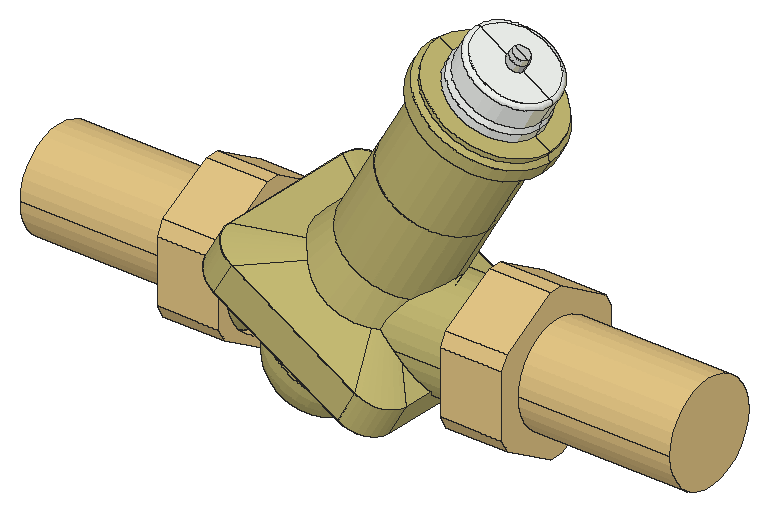
Revit family "РИДАН_Автоматический клапан AQT-R3", category Арматура трубопроводов, Revit 2019
Family settings
  Размер круглого соединителя = Использовать диаметр
  Тип детали = Вставляется
  На основе рабочей плоскости = Нет
  Всегда вертикально = Да
  При загрузке вырезать с полостями = Нет
  Общий = Нет
Parameters (values of type "DN 15")
  Ниппели = no
  Контакты_Производитель = "info@ridan.ru"  # constant formula
  Изготовитель = "Ридан"  # constant formula
  nip = 0
  h = (a * 2) + (b * 2) + c  # 66.71 mm
  g = size_lookup(LT, "g", 20 mm, ADSK_Диаметр условный, HP)  # 22.87 mm
  f = size_lookup(LT, "f", 20 mm, ADSK_Диаметр условный, HP)  # 26.3 mm
  e = size_lookup(LT, "e", 20 mm, ADSK_Диаметр условный, HP)  # 3.7 mm
  d = size_lookup(LT, "d", 20 mm, ADSK_Диаметр условный, HP)  # 24.49 mm
  c = size_lookup(LT, "c", 20 mm, ADSK_Диаметр условный, HP)  # 50.69 mm
  b = size_lookup(LT, "b", 20 mm, ADSK_Диаметр условный, HP)  # 1.71 mm
  a = size_lookup(LT, "a", 20 mm, ADSK_Диаметр условный, HP)  # 6.3 mm
  URL = "https://ridan.ru/"
  LT = "APQT"  # constant formula
  HP = 0
  DP = size_lookup(LT, "DP", 20 mm, ADSK_Диаметр условный, HP)  # 20 mm
  ADSK_Расход жидкости = 0.0 L/s
  ADSK_Наименование = size_lookup(LT, "Name", "", ADSK_Диаметр условный, HP, nip)  # "Автоматический комбинированный балансировочный клапан APQT PN16, Tmax=120C, DN15"
  ADSK_Масса_Текст = ""
  ADSK_Масса = size_lookup(LT, "M", 0, ADSK_Диаметр условный, HP, nip)  # 0.42
  ADSK_Марка = size_lookup(LT, "Mark", "", ADSK_Диаметр условный, HP, nip)  # "APQT DN15"
  ADSK_Количество = 1  # constant formula
  ADSK_Код изделия = size_lookup(LT, "", "", ADSK_Диаметр условный, HP, nip)  # "003Z1402R"
  ADSK_Завод-изготовитель = "ООО «Ридан-Трейд»"  # constant formula
  ADSK_Единица измерения = "шт."
  ADSK_Диаметр условный = 15 mm
  ADSK_Версия семейства = "1.0"  # constant formula
  ADSK_Версия Revit = "2019"  # constant formula
Types (9, lengths in mm): name | h | g | f | e | d | c | a | HP | DP | ADSK_Наименование | ADSK_Масса | ADSK_Марка | ADSK_Код изделия | ADSK_Диаметр условный
  (no name) | 66.71 | 22.87 | 26.3 | 3.7 | 24.49 | 50.69 | 6.3 | 0 | 20 | "Автоматический комбинированный балансировочный клапан APQT PN16, Tmax=120C, DN15" | 0.42 | "APQT DN15" | "003Z1402R" | 15
  DN 15 | 66.71 | 22.87 | 26.3 | 3.7 | 24.49 | 50.69 | 6.3 | 0 | 20 | "Автоматический комбинированный балансировочный клапан APQT PN16, Tmax=120C, DN15" | 0.42 | "APQT DN15" | "003Z1402R" | 15
  DN 15 HP | 66.71 | 22.87 | 26.3 | 3.7 | 24.49 | 50.69 | 6.3 | 1 | 20 | "Автоматический комбинированный балансировочный клапан APQT PN16, Tmax=120C, DN15 HP" | 0.42 | "APQT DN15 HP" | "003Z1412R" | 15
  DN 20 | 83.71 | 29.67 | 33.1 | 4.62 | 31.29 | 64.29 | 8 | 0 | 25 | "Автоматический комбинированный балансировочный клапан APQT PN16, Tmax=120C, DN20" | 0.63 | "APQT DN20" | "003Z1403R" | 20
  DN 25 | 105.71 | 38.73 | 42.16 | 5.77 | 40.02 | 81.75 | 10.27 | 0 | 32 | "Автоматический комбинированный балансировочный клапан APQT PN16, Tmax=120C, DN25" | 1.21 | "APQT DN25" | "003Z1404R" | 25
  DN 32 | 130 | 44.17 | 47.6 | 7.27 | 51.45 | 102.9 | 11.84 | 0 | 40 | "Автоматический комбинированный балансировочный клапан APQT PN16, Tmax=120C, DN32" | 2.14 | "APQT DN32" | "003Z1405R" | 32
  DN 20 HP | 83.71 | 29.67 | 33.1 | 4.62 | 31.29 | 64.29 | 8 | 1 | 25 | "Автоматический комбинированный балансировочный клапан APQT PN16, Tmax=120C, DN20 HP" | 0.63 | "APQT DN20 HP" | "003Z1413R" | 20
  DN 25 HP | 105.71 | 38.73 | 42.16 | 5.77 | 40.02 | 81.75 | 10.27 | 1 | 32 | "Автоматический комбинированный балансировочный клапан APQT PN16, Tmax=120C, DN25 HP" | 1.21 | "APQT DN25 HP" | "003Z1414R" | 25
  DN 32 HP | 130 | 44.17 | 47.6 | 7.27 | 51.45 | 102.9 | 11.84 | 1 | 40 | "Автоматический комбинированный балансировочный клапан APQT PN16, Tmax=120C, DN32 HP" | 2.14 | "APQT DN32 HP" | "003Z1415R" | 32
Reference planes
  plane 1 "По центру (Вперед/Назад)": y = 0
  plane 2: z = 0
  plane 3 "По центру (Влево/Вправо)": x = 0
  plane 4: x = -32.5
  plane 5: x = -26.2
  plane 6: x = -24.49
  plane 7: x = -3.7
  plane 8: x = 34.21
  plane 9: x = 27.91
  plane 10: x = 26.2
Forms (mm)
  Extrusion 1, solid, material "Латунь корпус", detail levels fine
    sketch origin (0, 0, 0) x (0, 1, 0) y (0, 0, 1)
      loop
        circle (0, 0) r 13.15
    from -32.5 to -26.2
  Blend 2, solid, material "Латунь корпус", detail levels fine
    base sketch origin (0, 0, 0) x (0, 1, 0) y (0, 0, 1)
      loop
        circle (0, 0) r 13.15
    top sketch origin (0, 0, 0) x (0, 1, 0) y (0, 0, 1)
      loop
        circle (0, 0) r 11.435
    from -26.2 to -24.49
  Extrusion 3, solid, material "Латунь корпус", detail levels fine
    sketch origin (0, 0, 0) x (0, 1, 0) y (0, 0, 1)
      loop
        circle (0, 0) r 11.435
    from -24.49 to 26.2
  Blend 4, solid, material "Латунь корпус", detail levels fine
    base sketch origin (0, 0, 0) x (0, 1, 0) y (0, 0, 1)
      loop
        circle (0, 0) r 11.435
    top sketch origin (0, 0, 0) x (0, 1, 0) y (0, 0, 1)
      loop
        circle (0, 0) r 13.15
    from 26.2 to 27.91
  Extrusion 5, solid, material "Латунь корпус", detail levels fine
    sketch origin (0, 0, 0) x (0, 1, 0) y (0, 0, 1)
      loop
        circle (0, 0) r 13.15
    from 27.91 to 34.21
Dimensions and locks
  "e": plane 3 "По центру (Влево/Вправо)" to plane 7
  "d": plane 3 "По центру (Влево/Вправо)" to plane 6
  "b": plane 6 to plane 5
  "a": plane 5 to plane 4
  "c": plane 10 to plane 6
  "b": plane 10 to plane 9
  "a": plane 9 to plane 8
  "f": diameter of Extrusion 1 sketch curve
  "f": diameter of Blend 2 sketch curve
  "g": diameter of Blend 2 sketch curve
  "g": diameter of Extrusion 3 sketch curve
  "g": diameter of Blend 4 sketch curve
  "f": diameter of Blend 4 sketch curve
  "f": diameter of Extrusion 5 sketch curve
  aligned and locked: level to plane 2
  aligned and locked: plane 5 to Extrusion 1
  aligned and locked: Extrusion 1 to plane 4
  aligned and locked: Blend 2 to plane 5
  aligned and locked: plane 6 to Blend 2
  aligned and locked: Extrusion 3 to plane 6
  aligned and locked: Extrusion 3 to plane 10
  aligned and locked: plane 10 to Blend 4
  aligned and locked: Blend 4 to plane 9
  aligned and locked: plane 9 to Extrusion 5
  aligned and locked: Extrusion 5 to plane 8
  aligned and locked: nested 4 to plane 4
  aligned and locked: nested 2 to plane 8
  aligned and locked: nested 6 to plane 4
  aligned and locked: nested 7 to plane 4
Automatic sketch dimensions
  Extrusion 1 sketch curve to level = 0 mm
  Extrusion 1 sketch curve to plane 1 "По центру (Вперед/Назад)" = 0 mm
  Blend 2 sketch curve to level = 0 mm  (x2)
  Blend 2 sketch curve to plane 1 "По центру (Вперед/Назад)" = 0 mm  (x2)
  Extrusion 3 sketch curve to level = 0 mm
  Extrusion 3 sketch curve to plane 1 "По центру (Вперед/Назад)" = 0 mm
  Blend 4 sketch curve to level = 0 mm  (x2)
  Blend 4 sketch curve to plane 1 "По центру (Вперед/Назад)" = 0 mm  (x2)
  Extrusion 5 sketch curve to level = 0 mm
  Extrusion 5 sketch curve to plane 1 "По центру (Вперед/Назад)" = 0 mm
Nested families
  nested 1: "Мембрана" at (-3.7, 0, 0) x (0.866, 0, -0.5) z (0.5, 0, 0.866), DN <- "ADSK_Диаметр условный", Ниппели <- "Ниппели", type "Мембрана"
    with Ниппели no, n1 10.48 mm, m1 4.25 mm, l1 7.61 mm, k1 5.03 mm, j1 31.25 mm, i1 2.91 mm, h1 19.03 mm, g1 13.21 mm, f1 6.87 mm, e1 31.25 mm, d1 45 mm, c1 12.25 mm, b1 13.9 mm, a1 33.35 mm, a 25 mm, DN 15 mm
  nested 2: "РИДАН_Резьбовой фитинг" at (34.21, 0, 0), DN1 <- "DP", type "Резьбовой присоед. фитинг"
    with SWD1 33 mm, SWD 34.641 mm, SW 30 mm, SN 6, S8 no, S6 yes, L 47 mm, E 38 mm, DN2 15 mm, DN1 20 mm, D2 26.5 mm, D1 21.5 mm, C 13.5 mm, ADSK_Позиция_Комплект 0, ADSK_Группирование ""
  nested 3: "Влж_РИДАН_Резьбовой фитинг" at (34.21, 0, 0), type "Резьбовой присоед. фитинг"
    with DN1 20 mm, ADSK_Позиция_Сортировка 0.001, ADSK_Позиция_Комплект 0, ADSK_Наименование "Резьбовые присоед. фитинги для APT-R DN 15", ADSK_Код изделия "003Z0232R", ADSK_Группирование ""
  nested 4: "РИДАН_Резьбовой фитинг" at (-32.5, 0, 0) x (-1, 0, 0) z (0, 0, -1), DN1 <- "DP", type "Резьбовой присоед. фитинг"
    with SWD1 33 mm, SWD 34.641 mm, SW 30 mm, SN 6, S8 no, S6 yes, L 47 mm, E 38 mm, DN2 15 mm, DN1 20 mm, D2 26.5 mm, D1 21.5 mm, C 13.5 mm, ADSK_Позиция_Комплект 0, ADSK_Группирование ""
  nested 5: "Влж_РИДАН_Резьбовой фитинг" at (-32.5, 0, 0) x (-1, 0, 0) z (0, 0, -1), type "Резьбовой присоед. фитинг"
    with DN1 20 mm, ADSK_Позиция_Сортировка 0.001, ADSK_Позиция_Комплект 0, ADSK_Наименование "Резьбовые присоед. фитинги для APT-R DN 15", ADSK_Код изделия "003Z0232R", ADSK_Группирование ""
  nested 6: "УГО_АТ_Клапан регулирующий проходной" at (0.855, 0, 0), УГО_Длина <- "h", type "УГО_АТ_Клапан регулирующий проходной", detail levels coarse+medium
    with УГО_Стрелка 33.355 mm, УГО_Длина 66.71 mm, h1 38.515 mm, h 19.258 mm, a1 16.678 mm, a 33.355 mm
  nested 7: "УГО_ЭУ_Клапан регулирующий проходной" at (0.855, 0, 0), УГО_Длина <- "h", type "УГО_ЭУ_Клапан регулирующий проходной", detail levels coarse+medium
    with УГО_Длина 66.71 mm, h 38.515 mm, A1 16.678 mm, A 33.355 mm
Connectors
  piping at (-70.5, 0, 0), diameter 15, driven by "ADSK_Диаметр условный", driven by "ADSK_Расход жидкости"
    settings: on nested 4, index 1, connector inside diameter 609.6 mm, connector length 0 mm, flow factor 0, pipe flow 0.0 L/s, pressure drop 0.0 Pa, fitting loss kfactor 0, connector angle 0.00°, fixture units 0, engagement length 0 mm, angle of deflection 0.00°, flow configuration 0, flow direction 1, fitting loss method 0, system type 29, joint type 0, gender type 0, connector reference index 2, connector utility 0, adjustable connector no, is connector primary yes, connector description ""
  piping at (72.21, 0, 0), diameter 15, driven by "ADSK_Диаметр условный", driven by "ADSK_Расход жидкости"
    settings: on nested 2, index 2, connector inside diameter 609.6 mm, connector length 0 mm, flow factor 0, pipe flow 0.0 L/s, pressure drop 0.0 Pa, fitting loss kfactor 0, connector angle 0.00°, fixture units 0, engagement length 0 mm, angle of deflection 0.00°, flow configuration 0, flow direction 2, fitting loss method 0, system type 29, joint type 0, gender type 0, connector reference index 1, connector utility 0, adjustable connector no, is connector primary no, connector description ""
Definition of nested family "Мембрана"
  Parameters (values of type "Мембрана")
    Ниппели [instance] = yes
    n1 [instance] = size_lookup(LT, "n1", 20 mm, DN)  # 10.48 mm
    m1 [instance] = size_lookup(LT, "m1", 20 mm, DN)  # 4.25 mm
    l1 [instance] = size_lookup(LT, "l1", 20 mm, DN)  # 7.61 mm
    k1 [instance] = size_lookup(LT, "k1", 20 mm, DN)  # 5.03 mm
    j1 [instance] = size_lookup(LT, "j1", 20 mm, DN)  # 31.25 mm
    i1 [instance] = size_lookup(LT, "i1", 20 mm, DN)  # 2.91 mm
    h1 [instance] = size_lookup(LT, "h1", 20 mm, DN)  # 19.03 mm
    g1 [instance] = size_lookup(LT, "g1", 20 mm, DN)  # 13.21 mm
    f1 [instance] = size_lookup(LT, "f1", 20 mm, DN)  # 6.87 mm
    e1 [instance] = size_lookup(LT, "e1", 20 mm, DN)  # 31.25 mm
    d1 [instance] = size_lookup(LT, "d1", 20 mm, DN)  # 45 mm
    c1 [instance] = size_lookup(LT, "c1", 20 mm, DN)  # 12.25 mm
    b1 [instance] = size_lookup(LT, "b1", 20 mm, DN)  # 13.9 mm
    a1 [instance] = size_lookup(LT, "a1", 20 mm, DN)  # 33.35 mm
    a [instance] = size_lookup(LT, "a", 20 mm, DN)  # 25 mm
    LT = "AQT-R3_1"  # constant formula
    DN [instance] = 15 mm
  Reference planes
    plane 1 "По центру (Вперед/Назад)": y = 0
    plane 2: z = 0
    plane 3 "По центру (Влево/Вправо)": x = 0
    plane 4: z = 33.35
    plane 5: z = 15.51
    plane 6: z = 9.28
    plane 7: z = 5.03
    plane 8: z = -2.58
    plane 9: z = -13.9
    plane 10: y = 22.5
    plane 11: y = -22.5
    plane 12: y = 15.625
    plane 13: y = -15.625
    plane 14: x = -15.625
    plane 15: x = 15.625
    plane 16: x = -22.5
    plane 17: x = 22.5
    plane 18: x = -9.515
    plane 19: x = -6.605
    plane 20: x = 9.515
    plane 21: x = 6.605
    plane 22: y = 9.515
    plane 23: y = 6.605
    plane 24: y = -9.515
    plane 25: y = -6.605
  Forms (mm)
    Extrusion 1, solid, detail levels fine
      sketch origin (0, 0, 0) x (1, 0, 0) y (0, 1, 0)
        loop
          arc (-15.625, 22.5) -> (-20.488, 20.488) -> (-22.5, 15.625) r 6.87
          line (-22.5, 15.625) -> (-22.5, -15.625)
          arc (-22.5, -15.625) -> (-20.486, -20.486) -> (-15.625, -22.5) r 6.875
          line (-15.625, -22.5) -> (15.625, -22.5)
          arc (15.625, -22.5) -> (20.486, -20.486) -> (22.5, -15.625) r 6.875
          line (22.5, -15.625) -> (22.5, 15.625)
          arc (22.5, 15.625) -> (20.486, 20.486) -> (15.625, 22.5) r 6.875
          line (15.625, 22.5) -> (-15.625, 22.5)
      from -2.58 to 5.03
    Blend 2, solid, detail levels fine
      base sketch origin (0, 0, 0) x (1, 0, 0) y (0, 1, 0)
        loop
          arc (-15.625, 22.5) -> (-20.488, 20.488) -> (-22.5, 15.625) r 6.87
          line (-22.5, 15.625) -> (-22.5, -15.625)
          arc (-22.5, -15.625) -> (-20.486, -20.486) -> (-15.625, -22.5) r 6.875
          line (-15.625, -22.5) -> (15.625, -22.5)
          arc (15.625, -22.5) -> (20.486, -20.486) -> (22.5, -15.625) r 6.875
          line (22.5, -15.625) -> (22.5, 15.625)
          arc (22.5, 15.625) -> (20.486, 20.486) -> (15.625, 22.5) r 6.875
          line (15.625, 22.5) -> (-15.625, 22.5)
      top sketch origin (0, 0, 0) x (1, 0, 0) y (0, 1, 0)
        loop
          arc (-6.605, 9.515) -> (-8.663, 8.663) -> (-9.515, 6.605) r 2.91
          line (-9.515, 6.605) -> (-9.515, -6.605)
          arc (-9.515, -6.605) -> (-8.663, -8.663) -> (-6.605, -9.515) r 2.91
          line (-6.605, -9.515) -> (6.605, -9.515)
          arc (6.605, -9.515) -> (8.663, -8.663) -> (9.515, -6.605) r 2.91
          line (9.515, -6.605) -> (9.515, 6.605)
          arc (9.515, 6.605) -> (8.663, 8.663) -> (6.605, 9.515) r 2.91
          line (6.605, 9.515) -> (-6.605, 9.515)
      from 5.03 to 9.28
    Blend 3, solid, detail levels fine
      base sketch origin (0, 0, 0) x (1, 0, 0) y (0, 1, 0)
        loop
          line (-22.5, 15.625) -> (-22.5, -15.625)
          arc (-22.5, -15.625) -> (-20.486, -20.486) -> (-15.625, -22.5) r 6.875
          line (-15.625, -22.5) -> (15.625, -22.5)
          arc (15.625, -22.5) -> (20.486, -20.486) -> (22.5, -15.625) r 6.875
          line (22.5, -15.625) -> (22.5, 15.625)
          arc (22.5, 15.625) -> (20.486, 20.486) -> (15.625, 22.5) r 6.875
          line (15.625, 22.5) -> (-15.625, 22.5)
          arc (-15.625, 22.5) -> (-20.488, 20.488) -> (-22.5, 15.625) r 6.87
      top sketch origin (0, 0, 0) x (1, 0, 0) y (0, 1, 0)
        loop
          arc (-6.605, 9.515) -> (-8.663, 8.663) -> (-9.515, 6.605) r 2.91
          line (-9.515, 6.605) -> (-9.515, -6.605)
          arc (-9.515, -6.605) -> (-8.663, -8.663) -> (-6.605, -9.515) r 2.91
          line (-6.605, -9.515) -> (6.605, -9.515)
          arc (6.605, -9.515) -> (8.663, -8.663) -> (9.515, -6.605) r 2.91
          line (9.515, -6.605) -> (9.515, 6.605)
          arc (9.515, 6.605) -> (8.663, 8.663) -> (6.605, 9.515) r 2.91
          line (6.605, 9.515) -> (-6.605, 9.515)
      from -2.58 to -13.9
    Blend 4, solid, detail levels fine
      base sketch origin (0, 0, 0) x (1, 0, 0) y (0, 1, 0)
        loop
          circle (0, 0) r 15.625
      top sketch origin (0, 0, 0) x (1, 0, 0) y (0, 1, 0)
        loop
          circle (0, 0) r 12.25
      from 5.03 to 15.51
    Extrusion 5, solid, detail levels fine
      sketch origin (0, 0, 0) x (1, 0, 0) y (0, 1, 0)
        loop
          circle (0, 0) r 12.25
      from -13.9 to 33.35
    Revolve 6, solid, detail levels fine
      sketch origin (0, 0, 0) x (1, 0, 0) y (0, 0, 1)
        loop
          line (0, -13.9) -> (0, -26.15)
          arc (0, -26.15) -> (8.662, -22.562) -> (12.25, -13.9) r 12.25
          line (12.25, -13.9) -> (0, -13.9)
        axis (0, -13.9) -> (0, -26.15)
      angle from 0 to 360
  Cuts and joins
    joined: Blend 4, Extrusion 5, Revolve 6
  Lines and regions (mm)
    reference lines
      curve 1: line (0, 0, 0) -> (-5, 0, 8.66)
  Dimensions and locks
    "k1": plane 7 to plane 2
    "l1": plane 7 to plane 8
    "b1": plane 2 to plane 9
    "m1": plane 6 to plane 7
    "n1": plane 5 to plane 7
    "a1": plane 4 to plane 2
    equal spacing: plane 10, plane 1 "По центру (Вперед/Назад)", plane 11
    "d1": plane 10 to plane 11
    equal spacing: plane 12, plane 1 "По центру (Вперед/Назад)", plane 13
    "e1": plane 12 to plane 13
    equal spacing: plane 14, plane 3 "По центру (Влево/Вправо)", plane 15
    "e1": plane 14 to plane 15
    equal spacing: plane 16, plane 3 "По центру (Влево/Вправо)", plane 17
    "d1": plane 16 to plane 17
    equal spacing: plane 23, plane 1 "По центру (Вперед/Назад)", plane 25
    "g1": plane 23 to plane 25
    equal spacing: plane 22, plane 1 "По центру (Вперед/Назад)", plane 24
    "h1": plane 22 to plane 24
    equal spacing: plane 19, plane 3 "По центру (Влево/Вправо)", plane 21
    "g1": plane 19 to plane 21
    equal spacing: plane 18, plane 3 "По центру (Влево/Вправо)", plane 20
    "h1": plane 18 to plane 20
    "c1": Revolve 6 sketch curve to Revolve 6 sketch curve
    "j1": diameter of Blend 4 sketch curve
    "c1": radius of Blend 4 sketch curve
    "c1": radius of Extrusion 5 sketch curve
    "c1": radius of Revolve 6 sketch curve
    aligned and locked: level to plane 2
    aligned and locked: Extrusion 1 sketch curve to plane 10
    aligned and locked: plane 14 to Extrusion 1 sketch curve  (x3)
    aligned and locked: plane 15 to Extrusion 1 sketch curve  (x4)
    aligned and locked: plane 11 to Extrusion 1 sketch curve
    aligned and locked: Extrusion 1 sketch curve to plane 16
    aligned and locked: plane 12 to Extrusion 1 sketch curve  (x3)
    aligned and locked: plane 13 to Extrusion 1 sketch curve  (x3)
    aligned and locked: Extrusion 1 to plane 8
    aligned and locked: Blend 2 sketch curve to plane 22
    aligned and locked: plane 20 to Blend 2 sketch curve
    aligned and locked: Blend 2 sketch curve to plane 24
    aligned and locked: Blend 2 sketch curve to plane 18
    aligned and locked: plane 19 to Blend 2 sketch curve  (x3)
    aligned and locked: plane 21 to Blend 2 sketch curve  (x4)
    aligned and locked: plane 23 to Blend 2 sketch curve  (x4)
    aligned and locked: plane 25 to Blend 2 sketch curve  (x4)
    aligned and locked: Blend 3 to plane 9
    aligned and locked: plane 6 to Blend 2
    aligned and locked: Blend 2 to plane 7
    aligned and locked: plane 7 to Extrusion 1
    aligned and locked: plane 8 to Blend 3
    aligned and locked: Blend 4 to plane 7
    aligned and locked: plane 5 to Blend 4
    aligned and locked: plane 4 to Extrusion 5
    aligned and locked: Revolve 6 sketch curve to plane 9
    aligned and locked: plane 3 "По центру (Влево/Вправо)" to Revolve 6 sketch curve
    aligned and locked: Extrusion 5 to plane 9
    aligned and locked: nested 1 to plane 4
  Automatic sketch dimensions
    plane 12 to Extrusion 1 sketch curve = 0.005 mm
    plane 13 to Blend 2 sketch curve = 0 mm  (x2)
    Blend 2 sketch curve to plane 16 = 0 mm
    Blend 2 sketch curve to plane 14 = 0 mm  (x2)
    Blend 2 sketch curve to plane 10 = 0 mm
    Blend 2 sketch curve to plane 15 = 0 mm  (x2)
    Blend 2 sketch curve to plane 12 = 0 mm
    plane 12 to Blend 2 sketch curve = 0.005 mm
    Blend 3 sketch curve to plane 12 = 0 mm  (x2)
    Blend 3 sketch curve to plane 16 = 0 mm
    plane 13 to Blend 3 sketch curve = 0 mm
    Blend 3 sketch curve to plane 14 = 0 mm  (x2)
    Blend 3 sketch curve to plane 10 = 0 mm
    Blend 3 sketch curve to plane 15 = 0 mm  (x2)
    plane 12 to Blend 3 sketch curve = 0.005 mm
    Blend 3 sketch curve to plane 18 = 0 mm
    Blend 3 sketch curve to plane 19 = 0 mm  (x2)
    Blend 3 sketch curve to plane 21 = 0 mm  (x2)
    Blend 3 sketch curve to plane 20 = 0 mm
    plane 24 to Blend 3 sketch curve = 0 mm
    Blend 3 sketch curve to plane 23 = 0 mm
    curve 1 to level = 0 mm
    curve 1 to plane 3 "По центру (Влево/Вправо)" = 0 mm
    curve 1 to plane 6 = 0.62 mm
    plane 19 to curve 1 = 1.605 mm
    plane 1 "По центру (Вперед/Назад)" to Blend 4 sketch curve = 0 mm  (x2)
    Blend 4 sketch curve to plane 3 "По центру (Влево/Вправо)" = 0 mm  (x2)
    plane 1 "По центру (Вперед/Назад)" to Extrusion 5 sketch curve = 0 mm
    Extrusion 5 sketch curve to plane 3 "По центру (Влево/Вправо)" = 0 mm
    Revolve 6 sketch curve to plane 3 "По центру (Влево/Вправо)" = 0 mm
    Revolve 6 sketch curve to Revolve 6 sketch curve = 5.889 mm
    level to Revolve 6 sketch curve = 1.768 mm
  Nested families
    nested 1: "Шток" at (0, 0, 33.35), type "Шток"
    nested 2: "Ниппель" at (-2.292, -2.292, 3.158) x (0.5, 0.5, 0.7071) z (-0.5, -0.5, 0.7071), a <- "a", visible <- "Ниппели", type "Красный"
      with a 25 mm
    nested 3: "Ниппель" at (0, 0, 0) x (0.5, -0.5, 0.7071) z (-0.5, 0.5, 0.7071), a <- "a", visible <- "Ниппели", type "Синий"
      with a 25 mm
  Definition of nested family "Шток"
    Reference planes
      plane 1 "По центру (Вперед/Назад)": y = 0
      plane 2: z = 0
      plane 3 "По центру (Влево/Вправо)": x = 0
    Forms (mm)
      Revolve 1, solid, detail levels fine
        sketch origin (0, 0, 0) x (1, 0, 0) y (0, 0, 1)
          loop
            line (-12.25, 17.912) -> (-12.25, 0) -> (0, 0) -> (0, 24.5) -> (-14, 24.5) -> (-14, 23.5) -> (-15, 22.5) -> (-15, 19.5) -> (-12.25, 17.912)
          axis (0, 24.5) -> (0, 0)
        angle from 0 to 360
      Revolve 2, solid, detail levels fine
        sketch origin (0, 0, 0) x (1, 0, 0) y (0, 0, 1)
          loop
            line (-10.2, 26.493) -> (-10.2, 24.5) -> (0, 24.5) -> (0, 33.412) -> (-8.77, 33.412)
            arc (-8.77, 33.412) -> (-9.422, 33.142) -> (-9.692, 32.49) r 0.922
            line (-9.692, 32.49) -> (-9.692, 27.816) -> (-10.2, 26.493)
          axis (0, 33.412) -> (0, 24.5)
        angle from 0 to 360
      Revolve 3, solid, detail levels fine
        sketch origin (0, 0, 0) x (1, 0, 0) y (0, 0, 1)
          loop
            line (-2, 33.153) -> (0, 33.153) -> (0, 36.2) -> (-1.732, 36.2) -> (-2, 35.2) -> (-2, 33.153)
          axis (0, 36.2) -> (0, 33.153)
        angle from 0 to 360
    Dimensions and locks
      aligned and locked: level to plane 2
  Definition of nested family "Ниппель"
    Parameters (values of type "Красный")
      Цвет = none
      m = 14 mm
      a [instance] = 25 mm
    Types (3, lengths in mm): name | a
      (no name) | 25
      Красный | 25
      Синий | 12.631
    Reference planes
      plane 1 "По центру (Вперед/Назад)": y = 0
      plane 2: z = 0
      plane 3 "По центру (Влево/Вправо)": x = 0
      plane 4: z = 25
    Forms (mm)
      Extrusion 1, solid, detail levels fine
        sketch origin (0, 0, 25) x (1, 0, 0) y (0, 1, 0)
          loop
            line (0, 8.083) -> (-7, 4.041) -> (-7, -4.041) -> (0, -8.083) -> (7, -4.041) -> (7, 4.041) -> (0, 8.083)
        from 0 to 9.815
      Revolve 2, solid, detail levels fine
        sketch origin (0, 0, 25) x (1, 0, 0) y (0, 0, 1)
          loop
            line (-4.72, 13.704) -> (-4.72, 11.423) -> (-3.751, 10.864) -> (-3.751, 9.815) -> (0, 9.815) -> (0, 13.704) -> (-4.72, 13.704)
          axis (0, 13.704) -> (0, 9.815)
        angle from 0 to 360
      Extrusion 3, solid, detail levels fine
        sketch origin (0, 0, 25) x (1, 0, 0) y (0, 1, 0)
          loop
            circle (0, 0) r 6.663
        from 15.045 to 23.344
      Extrusion 4, solid, material <- "Цвет", detail levels fine
        sketch origin (0, 0, 25) x (1, 0, 0) y (0, 1, 0)
          loop
            circle (0, 0) r 8.083
        from 13.704 to 15.045
      Extrusion 5, solid, material <- "Цвет", detail levels fine
        sketch origin (0, 0, 25) x (1, 0, 0) y (0, 1, 0)
          loop
            circle (0, 0) r 3.464
        from 23.344 to 24.6
      Extrusion 6, solid, material <- "Цвет", detail levels fine
        sketch origin (0, 0, 25) x (1, 0, 0) y (0, 0, 1)
          loop
            line (0, 24.6) -> (-10.932, 24.6)
            arc (-10.932, 24.6) -> (-16.38, 19.152) -> (-10.932, 13.704) r 5.448
            line (-10.932, 13.704) -> (0, 13.704) -> (0, 15.045) -> (-10.932, 15.045)
            arc (-10.932, 15.045) -> (-15.082, 19.194) -> (-10.932, 23.344) r 4.15
            line (-10.932, 23.344) -> (0, 23.344) -> (0, 24.6)
        from -2 to 1.955
      Extrusion 7, solid, detail levels fine
        sketch origin (0, 0, 14) x (1, 0, 0) y (0, 1, 0)
          loop
            circle (0, 0) r 6.663
        from -14 to 11
      Extrusion 8, solid, not visible, detail levels fine
        sketch origin (0, 0, 15) x (1, 0, 0) y (0, 1, 0)
          loop
            line (0, 8.083) -> (-7, 4.041) -> (-7, -4.041) -> (0, -8.083) -> (7, -4.041) -> (7, 4.041) -> (0, 8.083)
        from 0 to 9.815
      Revolve 9, solid, not visible, detail levels fine
        sketch origin (0, 0, 15) x (1, 0, 0) y (0, 0, 1)
          loop
            line (-4.72, 13.704) -> (-4.72, 11.423) -> (-3.751, 10.864) -> (-3.751, 9.815) -> (0, 9.815) -> (0, 13.704) -> (-4.72, 13.704)
          axis (0, 13.704) -> (0, 9.815)
        angle from 0 to 360
      Extrusion 10, solid, not visible, detail levels fine
        sketch origin (0, 0, 15) x (1, 0, 0) y (0, 1, 0)
          loop
            circle (0, 0) r 6.663
        from 15.045 to 23.344
      Extrusion 11, solid, material <- "Цвет", not visible, detail levels fine
        sketch origin (0, 0, 15) x (1, 0, 0) y (0, 1, 0)
          loop
            circle (0, 0) r 8.083
        from 13.704 to 15.045
      Extrusion 12, solid, material <- "Цвет", not visible, detail levels fine
        sketch origin (0, 0, 15) x (1, 0, 0) y (0, 1, 0)
          loop
            circle (0, 0) r 3.464
        from 23.344 to 24.6
      Extrusion 13, solid, material <- "Цвет", not visible, detail levels fine
        sketch origin (0, 0, 15) x (1, 0, 0) y (0, 0, 1)
          loop
            line (0, 24.6) -> (-10.932, 24.6)
            arc (-10.932, 24.6) -> (-16.38, 19.152) -> (-10.932, 13.704) r 5.448
            line (-10.932, 13.704) -> (0, 13.704) -> (0, 15.045) -> (-10.932, 15.045)
            arc (-10.932, 15.045) -> (-15.082, 19.194) -> (-10.932, 23.344) r 4.15
            line (-10.932, 23.344) -> (0, 23.344) -> (0, 24.6)
        from -2 to 1.955
    Cuts and joins
      joined: Extrusion 4, Extrusion 5, Extrusion 6
    Dimensions and locks
      Extrusion 1 sketch curve to Extrusion 1 sketch curve = 14 mm
      "m": Extrusion 1 sketch curve to Extrusion 1 sketch curve  (x3)
      "a": plane 4 to plane 2
      Extrusion 8 sketch curve to Extrusion 8 sketch curve = 14 mm
      "m": Extrusion 8 sketch curve to Extrusion 8 sketch curve  (x3)
      angle Extrusion 1 sketch curve to Extrusion 1 sketch curve = 120.00°  (x6)
      angle Extrusion 8 sketch curve to Extrusion 8 sketch curve = 120.00°  (x6)
      aligned and locked: level to plane 2
      aligned and locked: Extrusion 7 to plane 2
      aligned and locked: plane 4 to Extrusion 7
      aligned and locked: Extrusion 1 to plane 4
    Automatic sketch dimensions
      Revolve 2 sketch curve to Revolve 2 sketch curve = 0.969 mm
      Revolve 2 sketch curve to Revolve 2 sketch curve = 1.048 mm
      Revolve 2 sketch curve to Revolve 2 sketch curve = 0.56 mm
      Revolve 2 sketch curve to Revolve 2 sketch curve = 3.889 mm
      Revolve 2 sketch curve to Revolve 2 sketch curve = 2.136 mm
      Revolve 2 sketch curve to Revolve 2 sketch curve = 0.641 mm
      Extrusion 6 sketch curve to Extrusion 6 sketch curve = 0 mm  (x2)
      Extrusion 6 sketch curve to Extrusion 6 sketch curve = 1.341 mm
      Extrusion 6 sketch curve to Extrusion 6 sketch curve = 4.107 mm
      Extrusion 6 sketch curve to Extrusion 6 sketch curve = 0.042 mm
      plane 1 "По центру (Вперед/Назад)" to Extrusion 7 sketch curve = 0 mm
      Extrusion 7 sketch curve to plane 3 "По центру (Влево/Вправо)" = 0 mm
      Extrusion 1 sketch curve to Extrusion 1 sketch curve = 7 mm
      Revolve 2 sketch curve to Revolve 2 sketch curve = 3.751 mm
      Revolve 2 sketch curve to Revolve 2 sketch curve = 0 mm
      Extrusion 6 sketch curve to Extrusion 6 sketch curve = 10.932 mm
      Revolve 9 sketch curve to Revolve 9 sketch curve = 0.969 mm
      Revolve 9 sketch curve to Revolve 9 sketch curve = 1.048 mm
      Revolve 9 sketch curve to Revolve 9 sketch curve = 0.56 mm
      Revolve 9 sketch curve to Revolve 9 sketch curve = 3.889 mm
      Revolve 9 sketch curve to Revolve 9 sketch curve = 2.136 mm
      Revolve 9 sketch curve to Revolve 9 sketch curve = 0.641 mm
      Extrusion 13 sketch curve to Extrusion 13 sketch curve = 0 mm  (x2)
      Extrusion 13 sketch curve to Extrusion 13 sketch curve = 1.341 mm
      Extrusion 13 sketch curve to Extrusion 13 sketch curve = 4.107 mm
      Extrusion 13 sketch curve to Extrusion 13 sketch curve = 0.042 mm
      Extrusion 8 sketch curve to Extrusion 8 sketch curve = 7 mm
      Revolve 9 sketch curve to Revolve 9 sketch curve = 3.751 mm
      Revolve 9 sketch curve to Revolve 9 sketch curve = 0 mm
      Extrusion 13 sketch curve to Extrusion 13 sketch curve = 10.932 mm
      radius of Extrusion 3 sketch curve = 6.663 mm
      radius of Extrusion 4 sketch curve = 8.083 mm
      radius of Extrusion 5 sketch curve = 3.464 mm
      radius of Extrusion 7 sketch curve = 6.663 mm
      radius of Extrusion 10 sketch curve = 6.663 mm
      radius of Extrusion 11 sketch curve = 8.083 mm
      radius of Extrusion 12 sketch curve = 3.464 mm
Definition of nested family "РИДАН_Резьбовой фитинг"
  Parameters (values of type "Резьбовой присоед. фитинг")
    Фитинг = yes
    Контакты_Разработчик = "support@bimlib.pro"  # constant formula
    Контакты_Производитель = "info@ridan.ru"  # constant formula
    SWD1 [instance] = size_lookup(LT, "SWD", 33 mm, DN1, DN2)  # 40 mm
    SWD [instance] = SW / cos(180.00° / SN)  # 42.724 mm
    SW [instance] = size_lookup(LT, "SW", 30 mm, DN1, DN2)  # 37 mm
    SN [instance] = if(and(DN2 > 20 mm, DN2 < 40 mm), 8, 6)  # 6
    S8 [instance] = SN = 8  # no
    S6 [instance] = SN = 6  # yes
    LT = "APT-R_MK"  # constant formula
    L [instance] = size_lookup(LT, "L", 47 mm, DN1, DN2)  # 51 mm
    E [instance] = size_lookup(LT, "E", 38 mm, DN1, DN2)  # 41 mm
    DN2 [instance] = size_lookup(LT, "DN2", 25 mm, DN1)  # 20 mm
    DN1 [instance] = 25 mm
    D2 [instance] = size_lookup(LT, "DH2", 26.4 mm, DN1, DN2)  # 33.3 mm
    D1 [instance] = size_lookup(LT, "DH1", 21 mm, DN1, DN2)  # 26.5 mm
    C [instance] = size_lookup(LT, "C", 13 mm, DN1, DN2)  # 15.6 mm
    ADSK_Позиция_Комплект [instance] = 0
    ADSK_Материал = none
    ADSK_Группирование [instance] = ""
    ADSK_Версия семейства = "1.0"  # constant formula
    ADSK_Версия Revit = "2019"  # constant formula
  Reference planes
    plane 1 "По центру (Вперед/Назад)": y = 0
    plane 2: z = 0
    plane 3 "По центру (Влево/Вправо)": x = 0
    plane 4: x = -10
    plane 5: x = 5.6
    plane 6: x = 41
  Forms (mm)
    Extrusion 1, solid, material <- "ADSK_Материал", visible <- "S6", detail levels fine
      sketch origin (0, 0, 0) x (0, 1, 0) y (0, 0, 1)
        loop
          line (-18.5, -10.681) -> (0, -21.362) -> (18.5, -10.681) -> (18.5, 10.681) -> (0, 21.362) -> (-18.5, 10.681) -> (-18.5, -10.681)
      from -10 to 5.6
    Extrusion 2, solid, material <- "ADSK_Материал", visible <- "S8", detail levels fine
      sketch origin (0, 0, 0) x (0, 1, 0) y (0, 0, 1)
        loop
          line (-7.663, 18.5) -> (-18.5, 7.663) -> (-18.5, -7.663) -> (-7.663, -18.5) -> (7.663, -18.5) -> (18.5, -7.663) -> (18.5, 7.663) -> (7.663, 18.5) -> (-7.663, 18.5)
      from -10 to 5.6
    Extrusion 3, void, detail levels fine
      sketch origin (0, 0, 0) x (0, 1, 0) y (0, 0, 1)
        loop
          circle (0, 0) r 21.362
        loop
          circle (0, 0) r 20
      from 5.6 to -10
    Extrusion 4, solid, material <- "ADSK_Материал", detail levels fine
      sketch origin (0, 0, 0) x (0, 1, 0) y (0, 0, 1)
        loop
          circle (0, 0) r 13.25
      from 5.6 to 41
    Extrusion 5, void
      sketch origin (0, 0, 0) x (0, 1, 0) y (0, 0, 1)
        loop
          circle (0, 0) r 16.65
      from 0 to -10
  Cuts and joins
    Extrusion 3, Extrusion 5 cuts Extrusion 2
    Extrusion 3, Extrusion 5 cuts Extrusion 1
    Extrusion 5 cuts Extrusion 4
  Lines and regions (mm)
    model lines, detail levels coarse+medium
      curve 1: line (0, 0, 0) -> (41, 0, 0)
  Dimensions and locks
    "L": plane 4 to plane 6
    "C": plane 4 to plane 5
    equal spacing: Extrusion 1 sketch curve, plane 1 "По центру (Вперед/Назад)", Extrusion 1 sketch curve  (x3)
    "SW": Extrusion 1 sketch curve to Extrusion 1 sketch curve  (x3)
    equal spacing: Extrusion 2 sketch curve, level, Extrusion 2 sketch curve
    "SW": Extrusion 2 sketch curve to Extrusion 2 sketch curve  (x4)
    equal spacing: Extrusion 2 sketch curve, plane 1 "По центру (Вперед/Назад)", Extrusion 2 sketch curve  (x3)
    "E": plane 3 "По центру (Влево/Вправо)" to plane 6
    "SWD": diameter of Extrusion 3 sketch curve
    "SWD1": diameter of Extrusion 3 sketch curve
    "D1": diameter of Extrusion 4 sketch curve
    "D2": diameter of Extrusion 5 sketch curve
    angle Extrusion 1 sketch curve to Extrusion 1 sketch curve = 120.00°  (x6)
    angle Extrusion 2 sketch curve to Extrusion 2 sketch curve = 135.00°  (x8)
    aligned and locked: level to plane 2
    aligned and locked: Extrusion 2 to plane 4
    aligned and locked: plane 5 to Extrusion 2
    aligned and locked: Extrusion 3 to plane 5
    aligned and locked: Extrusion 3 to plane 4
    aligned and locked: plane 5 to cut or joined group of Extrusion 1, Extrusion 3, Extrusion 5
    aligned and locked: cut or joined group of Extrusion 1, Extrusion 3, Extrusion 5 to plane 4
    aligned and locked: Extrusion 4 to plane 5
    aligned and locked: plane 6 to Extrusion 4
    aligned and locked: plane 4 to Extrusion 5
    aligned and locked: plane 6 to curve 1
    aligned and locked: plane 3 "По центру (Влево/Вправо)" to curve 1
    aligned and locked: plane 1 "По центру (Вперед/Назад)" to curve 1
    aligned and locked: plane 3 "По центру (Влево/Вправо)" to cut or joined group of Extrusion 1, Extrusion 3, Extrusion 5
  Automatic sketch dimensions
    Extrusion 3 sketch curve to Extrusion 3 sketch curve = 0 mm  (x2)
    Extrusion 3 sketch curve to level = 0 mm
    Extrusion 3 sketch curve to plane 1 "По центру (Вперед/Назад)" = 0 mm
    Extrusion 4 sketch curve to level = 0 mm
    Extrusion 4 sketch curve to plane 1 "По центру (Вперед/Назад)" = 0 mm
    Extrusion 5 sketch curve to level = 0 mm
    Extrusion 5 sketch curve to plane 1 "По центру (Вперед/Назад)" = 0 mm
  Nested families
    nested 1: "Влж_РИДАН_Резьбовой фитинг" at (0, 0, 0), DN1 <- "DN1", ADSK_Группирование <- "ADSK_Группирование", ADSK_Позиция_Комплект <- "ADSK_Позиция_Комплект", visible <- "Фитинг", type "Резьбовой присоед. фитинг"
      with DN1 25 mm, ADSK_Позиция_Сортировка 0.001, ADSK_Позиция_Комплект 0, ADSK_Наименование "Резьбовые присоед. фитинги для APT-R DN 20", ADSK_Код изделия "003Z0233R", ADSK_Группирование ""
  Definition of nested family "Влж_РИДАН_Резьбовой фитинг"
    Parameters (values of type "Резьбовой присоед. фитинг")
      Контакты_Разработчик = "support@bimlib.pro"  # constant formula
      Контакты_Производитель = "info@ridan.ru"  # constant formula
      LT = "APT-R_MK"  # constant formula
      DN1 [instance] = 32 mm
      ADSK_Позиция_Сортировка [instance] = ADSK_Позиция_Комплект + 0.001  # 0.001
      ADSK_Позиция_Комплект [instance] = 0
      ADSK_Наименование [instance] = size_lookup(LT, "Name", "Не найдено: накидная гайка НР", DN1)  # "Резьбовые присоед. фитинги для APT-R DN 25"
      ADSK_Масса_Текст = ""
      ADSK_Марка = ""
      ADSK_Количество = 1  # constant formula
      ADSK_Код изделия [instance] = size_lookup(LT, "", "", DN1)  # "003Z0234R"
      ADSK_Завод-изготовитель = "ООО «Ридан-Трейд»"  # constant formula
      ADSK_Единица измерения = "шт."
      ADSK_Группирование [instance] = ""
      ADSK_Версия семейства = "1.0"  # constant formula
      ADSK_Версия Revit = "2019"  # constant formula
    Reference planes
      plane 1 "По центру (Вперед/Назад)": y = 0
      plane 2: z = 0
      plane 3 "По центру (Влево/Вправо)": x = 0
    Dimensions and locks
      aligned and locked: level to plane 2
Definition of nested family "УГО_АТ_Клапан регулирующий проходной"
  Parameters (values of type "УГО_АТ_Клапан регулирующий проходной")
    УГО_Стрелка [instance] = УГО_Длина / 2  # 50 mm
    УГО_Длина [instance] = 100 mm
    h1 [instance] = a / cos(30.00°)  # 57.735 mm
    h [instance] = a1 / cos(30.00°)  # 28.868 mm
    a1 [instance] = УГО_Длина / 4  # 25 mm
    a [instance] = УГО_Длина / 2  # 50 mm
  Reference planes
    plane 1 "По центру (Вперед/Назад)": y = 0
    plane 2: z = 0
    plane 3 "По центру (Влево/Вправо)": x = 0
    plane 4: x = -50
    plane 5: x = 50
    plane 6: x = -50
    plane 7: x = 50
    plane 8: z = 28.868
    plane 9: z = -28.868
  Forms (mm)
    Extrusion 1, solid
      sketch origin (0, 0, 0) x (1, 0, 0) y (0, 0, 1)
        loop
          line (0, 0) -> (-50, 28.868) -> (-50, -28.868) -> (0, 0)
      from -0.5 to 0.5
    Extrusion 2, solid
      sketch origin (0, 0, 0) x (-1, 0, 0) y (0, 0, -1)
        loop
          line (0, 0) -> (-50, 28.868) -> (-50, -28.868) -> (0, 0)
      from -0.5 to 0.5
  Lines and regions (mm)
    model lines
      curve 1: line (0, 0, 0) -> (0, 0, 50)
      curve 2: line (0, 0, 0) -> (-6.47, 0, 24.148)
      curve 3: line (0, 0, 0) -> (6.47, 0, 24.148)
  Dimensions and locks
    "a": plane 3 "По центру (Влево/Вправо)" to plane 4
    "a": plane 5 to plane 3 "По центру (Влево/Вправо)"
    equal spacing: plane 7, plane 3 "По центру (Влево/Вправо)", plane 6
    "УГО_Длина": plane 7 to plane 6
    "УГО_Стрелка": curve 1 to plane 2
    "a1": curve 3 to curve 3
    "a1": curve 2 to curve 2
    equal spacing: plane 8, level, plane 9
    "h1": plane 8 to plane 9
    locked: plane 2 to Extrusion 2 sketch curve (angle 30.00°)
    locked: Extrusion 2 sketch curve to plane 2 (angle 30.00°)
    locked: Extrusion 1 sketch curve to plane 2 (angle 30.00°)
    locked: plane 2 to Extrusion 1 sketch curve (angle 30.00°)
    locked: plane 2 to curve 3 (angle 75.00°)
    locked: curve 2 to plane 2 (angle 75.00°)
    aligned and locked: level to plane 2
    aligned and locked: Extrusion 1 sketch curve to plane 4
    aligned and locked: plane 5 to Extrusion 2 sketch curve
  Automatic sketch dimensions
    curve 2 to level = 0 mm
    curve 2 to plane 3 "По центру (Влево/Вправо)" = 0 mm
    Extrusion 1 sketch curve to level = 0 mm
    Extrusion 1 sketch curve to plane 3 "По центру (Влево/Вправо)" = 0 mm
    Extrusion 2 sketch curve to level = 0 mm
    Extrusion 2 sketch curve to plane 3 "По центру (Влево/Вправо)" = 0 mm
Definition of nested family "Влж_РИДАН_Резьбовой фитинг"
  Parameters (values of type "Резьбовой присоед. фитинг")
    Контакты_Разработчик = "support@bimlib.pro"  # constant formula
    Контакты_Производитель = "info@ridan.ru"  # constant formula
    LT = "APT-R_MK"  # constant formula
    DN1 [instance] = 32 mm
    ADSK_Позиция_Сортировка [instance] = ADSK_Позиция_Комплект + 0.001  # 0.001
    ADSK_Позиция_Комплект [instance] = 0
    ADSK_Наименование [instance] = size_lookup(LT, "Name", "Не найдено: накидная гайка НР", DN1)  # "Резьбовые присоед. фитинги для APT-R DN 25"
    ADSK_Масса_Текст = ""
    ADSK_Марка = ""
    ADSK_Количество = 1  # constant formula
    ADSK_Код изделия [instance] = size_lookup(LT, "", "", DN1)  # "003Z0234R"
    ADSK_Завод-изготовитель = "ООО «Ридан-Трейд»"  # constant formula
    ADSK_Единица измерения = "шт."
    ADSK_Группирование [instance] = ""
    ADSK_Версия семейства = "1.0"  # constant formula
    ADSK_Версия Revit = "2019"  # constant formula
  Reference planes
    plane 1 "По центру (Вперед/Назад)": y = 0
    plane 2: z = 0
    plane 3 "По центру (Влево/Вправо)": x = 0
  Dimensions and locks
    aligned and locked: level to plane 2
Definition of nested family "УГО_ЭУ_Клапан регулирующий проходной"
  Parameters (values of type "УГО_ЭУ_Клапан регулирующий проходной")
    УГО_Длина [instance] = 100 mm
    h [instance] = A / cos(30.00°)  # 57.735 mm
    A1 [instance] = A / 2  # 25 mm
    A [instance] = УГО_Длина / 2  # 50 mm
  Reference planes
    plane 1 "По центру (Вперед/Назад)": y = 0
    plane 2: z = 0
    plane 3 "По центру (Влево/Вправо)": x = 0
    plane 4: x = -50
    plane 5: x = 50
    plane 6: y = 50
  Lines and regions (mm)
    Filled region 1, type "Сплошная заливка - Чёрный", in view "Опорный уровень"
      outline origin (0, 0, 0) x (1, 0, 0) y (0, 1, 0)
        loop
          line (0, 0) -> (6.47, 24.148) -> (-6.47, 24.148) -> (0, 0)
    Filled region 2, type "Сплошная заливка - Белый", in view "Опорный уровень"
      outline origin (0, 0, 0) x (1, 0, 0) y (0, 1, 0)
        loop
          line (0, 0) -> (-50, 28.868) -> (-50, -28.868) -> (0, 0)
    Filled region 3, type "Сплошная заливка - Белый", in view "Опорный уровень"
      outline origin (0, 0, 0) x (1, 0, 0) y (0, 1, 0)
        loop
          line (0, 0) -> (50, -28.868) -> (50, 28.868) -> (0, 0)
    detail lines, in view "Опорный уровень"
      curve 1: line (0, 0, 0) -> (50, 28.868, 0)
      curve 2: line (50, 28.868, 0) -> (50, -28.868, 0)
      curve 3: line (0, 0, 0) -> (50, -28.868, 0)
      curve 4: line (0, 0, 0) -> (-50, 28.868, 0)
      curve 5: line (0, 0, 0) -> (-50, -28.868, 0)
      curve 6: line (-50, 28.868, 0) -> (-50, -28.868, 0)
      curve 7: line (0, 50, 0) -> (0, 0, 0)
      curve 8: line (0, 0, 0) -> (-6.47, 24.148, 0)
      curve 9: line (0, 0, 0) -> (6.47, 24.148, 0)
      curve 10: line (-6.47, 24.148, 0) -> (6.47, 24.148, 0)
  Dimensions and locks
    equal spacing: plane 4, plane 3 "По центру (Влево/Вправо)", plane 5
    "УГО_Длина": plane 4 to plane 5
    "A": plane 1 "По центру (Вперед/Назад)" to plane 6
    "A1": curve 8 to curve 8
    "A1": curve 9 to curve 9
    locked: plane 1 "По центру (Вперед/Назад)" to curve 1 (angle 30.00°)
    locked: curve 3 to plane 1 "По центру (Вперед/Назад)" (angle 30.00°)
    locked: curve 4 to plane 1 "По центру (Вперед/Назад)" (angle 30.00°)
    locked: plane 1 "По центру (Вперед/Назад)" to curve 5 (angle 30.00°)
    locked: plane 1 "По центру (Вперед/Назад)" to curve 9 (angle 75.00°)
    locked: curve 8 to plane 1 "По центру (Вперед/Назад)" (angle 75.00°)
    aligned and locked: plane 5 to curve 2
    aligned and locked: curve 6 to plane 4
    aligned and locked: curve 7 to plane 3 "По центру (Влево/Вправо)"
    aligned and locked: plane 6 to curve 7
    aligned and locked: plane 1 "По центру (Вперед/Назад)" to curve 7
    aligned and locked: Filled region 1 sketch curve to curve 9
    aligned and locked: Filled region 1 sketch curve to curve 10
    aligned and locked: Filled region 1 sketch curve to curve 8
    aligned and locked: Filled region 2 sketch curve to curve 6
    aligned and locked: curve 4 to Filled region 2 sketch curve
    aligned and locked: Filled region 3 sketch curve to curve 1
    aligned and locked: Filled region 3 sketch curve to curve 2
    aligned and locked: Filled region 3 sketch curve to curve 3
    aligned and locked: Filled region 2 sketch curve to curve 5
